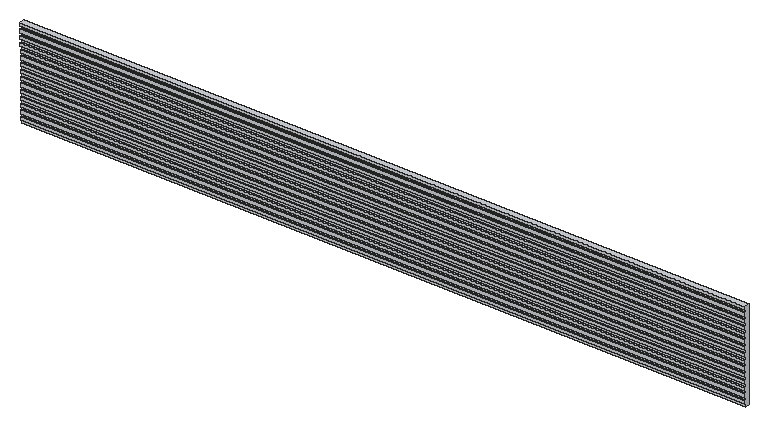
Revit family "OracDecor_WX205", category Обобщенные модели, Revit 2019
Family settings
  Может служить основой для арматурных стержней = Нет
  Размер круглого соединителя = Использовать диаметр
  Тип детали = Нормальный
  На основе рабочей плоскости = Нет
  Всегда вертикально = Да
  При загрузке вырезать с полостями = Нет
  Общий = Нет
  Точка расчета площади = Нет
Parameters
  Изготовитель = "Family from POCHERTEAM"  # constant formula
  URL = "t.me/pocherteam"
Reference planes
  plane 1 "По центру (Вперед/Назад)": y = 0
  plane 2: z = 0
  plane 3 "По центру (Влево/Вправо)": x = 0
Forms (mm)
  Extrusion 1, solid
    sketch origin (0, 0, 0) x (0, 1, 0) y (0, 0, 1)
      loop
        line (0, 0) -> (0, 250) -> (-13, 250) -> (-13, 241.9) -> (-8, 241.65) -> (-8, 233.55) -> (-13, 233.3) -> (-13, 225.2) -> (-8, 224.95) -> (-8, 216.85) -> (-13, 216.6) -> (-13, 208.5) -> (-8, 208.25) -> (-8, 200.15) -> (-13, 199.9) -> (-13, 191.8) -> (-8, 191.55) -> (-8, 183.45) -> (-13, 183.2) -> (-13, 175.1) -> (-8, 174.85) -> (-8, 166.75) -> (-13, 166.5) -> (-13, 158.4) -> (-8, 158.15) -> (-8, 150.05) -> (-13, 149.8) -> (-13, 141.7) -> (-8, 141.45) -> (-8, 133.35) -> (-13, 133.1) -> (-13, 125) -> (-8, 124.75) -> (-8, 116.65) -> (-13, 116.4) -> (-13, 108.3) -> (-8, 108.05) -> (-8, 99.95) -> (-13, 99.7) -> (-13, 91.6) -> (-8, 91.35) -> (-8, 83.25) -> (-13, 83) -> (-13, 74.9) -> (-8, 74.65) -> (-8, 66.55) -> (-13, 66.3) -> (-13, 58.2) -> (-8, 57.95) -> (-8, 49.85) -> (-13, 49.6) -> (-13, 41.5) -> (-8, 41.25) -> (-8, 33.15) -> (-13, 32.9) -> (-13, 24.8) -> (-8, 24.55) -> (-8, 16.45) -> (-13, 16.2) -> (-13, 8.1) -> (-8, 7.85) -> (-8, 0) -> (0, 0)
    from 0 to 2000
Dimensions and locks
  Extrusion 1 to level = 250 mm
  Extrusion 1 to plane 3 "По центру (Влево/Вправо)" = 2000 mm
  aligned and locked: level to plane 2
